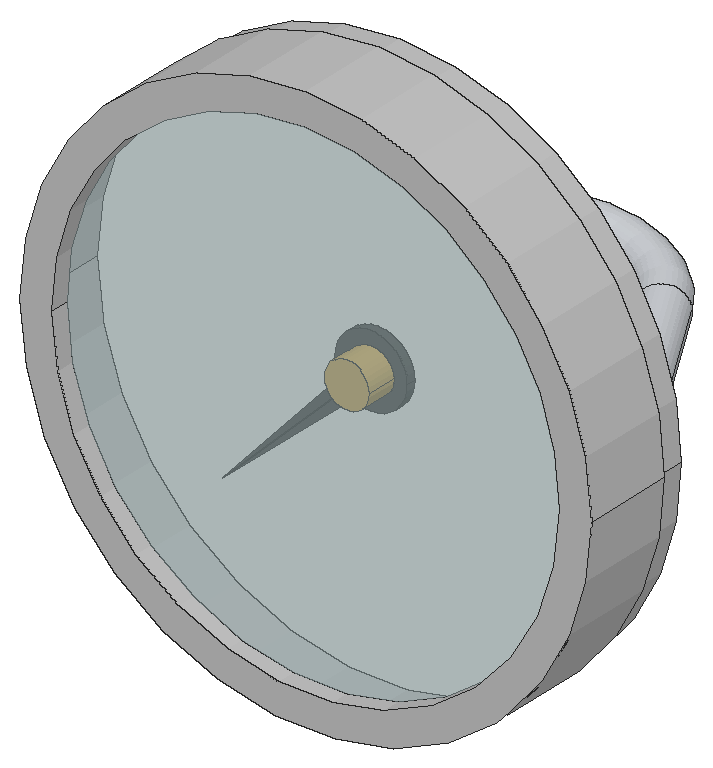
Revit family "РОСМА_ТермометрБиметаллическийСпец(Пружина)", category Арматура трубопроводов, Revit 2018 (continued)
Definition of nested family "Корпус термометра_БиметаллическСпец(Пружина)"
  Automatic sketch dimensions
    curve 253 to curve 253 = 1.759 mm
    curve 253 to curve 253 = 1.831 mm
    curve 254 to curve 254 = 1.759 mm
    curve 254 to curve 254 = 1.831 mm
    curve 255 to curve 255 = 1.759 mm
    curve 255 to curve 255 = 1.831 mm
    curve 256 to curve 256 = 1.759 mm
    curve 256 to curve 256 = 1.831 mm
    curve 257 to curve 257 = 1.759 mm
    curve 257 to curve 257 = 1.831 mm
    curve 258 to curve 258 = 1.759 mm
    curve 258 to curve 258 = 1.831 mm
    curve 259 to curve 259 = 1.759 mm
    curve 259 to curve 259 = 1.831 mm
    curve 260 to curve 260 = 1.759 mm
    curve 260 to curve 260 = 1.831 mm
    curve 261 to curve 261 = 1.759 mm
    curve 261 to curve 261 = 1.831 mm
    curve 262 to curve 262 = 1.759 mm
    curve 262 to curve 262 = 1.831 mm
    curve 263 to curve 263 = 1.759 mm
    curve 263 to curve 263 = 1.831 mm
    curve 264 to curve 264 = 1.759 mm
    curve 264 to curve 264 = 1.831 mm
    curve 265 to curve 265 = 1.759 mm
    curve 265 to curve 265 = 1.831 mm
    curve 266 to curve 266 = 1.759 mm
    curve 266 to curve 266 = 1.831 mm
    curve 267 to curve 267 = 1.759 mm
    curve 267 to curve 267 = 1.831 mm
    curve 268 to curve 268 = 1.759 mm
    curve 268 to curve 268 = 1.831 mm
    curve 269 to curve 269 = 1.759 mm
    curve 269 to curve 269 = 1.831 mm
    curve 270 to curve 270 = 1.759 mm
    curve 270 to curve 270 = 1.831 mm
    curve 271 to curve 271 = 1.759 mm
    curve 271 to curve 271 = 1.831 mm
    curve 272 to curve 272 = 1.759 mm
    curve 272 to curve 272 = 1.831 mm
    curve 273 to curve 273 = 1.759 mm
    curve 273 to curve 273 = 1.831 mm
    curve 274 to curve 274 = 1.759 mm
    curve 274 to curve 274 = 1.831 mm
    curve 275 to curve 275 = 1.759 mm
    curve 275 to curve 275 = 1.831 mm
    curve 276 to curve 276 = 1.759 mm
    curve 276 to curve 276 = 1.831 mm
    curve 277 to curve 277 = 1.759 mm
    curve 277 to curve 277 = 1.831 mm
    curve 278 to curve 278 = 1.759 mm
    curve 278 to curve 278 = 1.831 mm
    curve 279 to curve 279 = 1.759 mm
    curve 279 to curve 279 = 1.831 mm
    curve 280 to curve 280 = 1.759 mm
    curve 280 to curve 280 = 1.831 mm
    curve 281 to curve 281 = 1.759 mm
    curve 281 to curve 281 = 1.831 mm
    curve 282 to curve 282 = 1.759 mm
    curve 282 to curve 282 = 1.831 mm
    curve 283 to curve 283 = 1.759 mm
    curve 283 to curve 283 = 1.831 mm
    curve 284 to curve 284 = 1.759 mm
    curve 284 to curve 284 = 1.831 mm
    curve 285 to curve 285 = 1.759 mm
    curve 285 to curve 285 = 1.831 mm
    curve 286 to curve 286 = 1.759 mm
    curve 286 to curve 286 = 1.831 mm
    curve 287 to curve 287 = 1.759 mm
    curve 287 to curve 287 = 1.831 mm
    curve 288 to curve 288 = 1.759 mm
    curve 288 to curve 288 = 1.831 mm
    curve 289 to curve 289 = 1.759 mm
    curve 289 to curve 289 = 1.831 mm
    curve 290 to curve 290 = 1.759 mm
    curve 290 to curve 290 = 1.831 mm
    curve 291 to curve 291 = 1.759 mm
    curve 291 to curve 291 = 1.831 mm
    curve 292 to curve 292 = 1.759 mm
    curve 292 to curve 292 = 1.831 mm
    curve 293 to curve 293 = 1.759 mm
    curve 293 to curve 293 = 1.831 mm
    curve 294 to curve 294 = 1.759 mm
    curve 294 to curve 294 = 1.831 mm
    curve 295 to curve 295 = 1.759 mm
    curve 295 to curve 295 = 1.831 mm
    curve 296 to curve 296 = 1.759 mm
    curve 296 to curve 296 = 1.831 mm
    curve 297 to curve 297 = 1.759 mm
    curve 297 to curve 297 = 1.831 mm
    curve 298 to curve 298 = 1.759 mm
    curve 298 to curve 298 = 1.831 mm
    curve 299 to curve 299 = 1.759 mm
    curve 299 to curve 299 = 1.831 mm
    curve 300 to curve 300 = 1.759 mm
    curve 300 to curve 300 = 1.831 mm
    curve 301 to curve 301 = 1.759 mm
    curve 301 to curve 301 = 1.831 mm
    curve 302 to curve 302 = 1.759 mm
    curve 302 to curve 302 = 1.831 mm
    curve 303 to curve 303 = 1.759 mm
    curve 303 to curve 303 = 1.831 mm
    curve 304 to curve 304 = 1.759 mm
    curve 304 to curve 304 = 1.831 mm
    curve 305 to curve 305 = 1.759 mm
    curve 305 to curve 305 = 1.831 mm
    curve 315 to curve 315 = 13.751 mm
    curve 316 to curve 316 = 13.751 mm
    curve 201 to curve 201 = 0.5 mm
    curve 201 to curve 201 = 3.276 mm
    curve 165 to curve 164 = 0.273 mm
    curve 165 to curve 170 = 4.273 mm
    curve 170 to curve 201 = 5.048 mm
    curve 201 to curve 200 = 0.052 mm
    curve 201 to curve 209 = 3.696 mm
    curve 207 to curve 207 = 0.359 mm
    curve 201 to curve 190 = 5.684 mm
    curve 189 to curve 190 = 1.451 mm
    curve 170 to curve 165 = 0.7 mm
    curve 170 to curve 190 = 2.319 mm
    curve 170 to curve 201 = 10.694 mm
    curve 201 to curve 200 = 0.021 mm
    curve 207 to curve 209 = 3.572 mm
    curve 165 to curve 165 = 0.495 mm
    curve 201 to curve 200 = 0.038 mm
    curve 200 to curve 201 = 1.731 mm
    curve 200 to curve 207 = 2.932 mm
    curve 209 to curve 209 = 1.293 mm
    curve 189 to curve 189 = 1.203 mm
    curve 189 to curve 191 = 3.856 mm
    curve 191 to curve 190 = 4.488 mm
    curve 189 to curve 191 = 0 mm
    curve 201 to curve 200 = 1.57 mm
    curve 209 to curve 209 = 1.164 mm
    curve 165 to curve 169 = 0.15 mm
    curve 170 to curve 173 = 5.053 mm
    curve 170 to curve 173 = 0.079 mm
    curve 165 to curve 169 = 0.079 mm
    curve 166 to curve 164 = 0.758 mm
    curve 161 to curve 161 = 1.079 mm
    curve 173 to curve 173 = 1.696 mm  (x2)
    curve 210 to curve 207 = 0.41 mm
    curve 216 to curve 216 = 2.225 mm
    curve 189 to curve 196 = 0.987 mm
    curve 198 to curve 190 = 0.697 mm
    curve 198 to curve 198 = 0.444 mm
    curve 192 to curve 191 = 0.972 mm
    curve 173 to curve 173 = 1.523 mm
    curve 161 to curve 165 = 1.29 mm
    curve 192 to curve 198 = 2.173 mm
    curve 198 to curve 190 = 0.867 mm
    curve 216 to curve 207 = 2.225 mm
    curve 207 to curve 210 = 1.24 mm
    curve 168 to curve 169 = 0.862 mm
    curve 201 to curve 205 = 0.038 mm
    curve 205 to curve 209 = 0.784 mm
    curve 211 to curve 211 = 0.756 mm
    curve 201 to curve 215 = 2.179 mm
    curve 196 to curve 194 = 0.351 mm
    curve 198 to curve 194 = 0.132 mm
    curve 194 to curve 198 = 1.029 mm
    curve 215 to curve 201 = 0.888 mm
    curve 211 to curve 210 = 0.014 mm
    curve 205 to curve 209 = 1.127 mm
    curve 201 to curve 205 = 1.363 mm
    curve 170 to curve 171 = 0 mm  (x4)
    curve 162 to curve 165 = 0.556 mm
    curve 213 to curve 201 = 0.253 mm
    curve 173 to curve 172 = 0.042 mm
    curve 200 to curve 212 = 0.492 mm
    curve 175 to curve 173 = 0.639 mm
    curve 174 to curve 173 = 0.63 mm
    curve 173 to curve 177 = 0.797 mm
    curve 208 to curve 207 = 0.056 mm
    curve 176 to curve 187 = 1.048 mm
    curve 176 to curve 178 = 1.122 mm
    curve 207 to curve 212 = 0.29 mm
    curve 187 to curve 185 = 0.925 mm
    curve 187 to curve 179 = 1.349 mm
    curve 185 to curve 184 = 0.888 mm
    curve 178 to curve 180 = 2.608 mm
    curve 179 to curve 184 = 1.405 mm
    curve 179 to curve 181 = 1.043 mm
    curve 197 to curve 198 = 0.964 mm
    curve 176 to curve 173 = 0.725 mm
    curve 181 to curve 189 = 0 mm
    curve 182 to curve 184 = 0.566 mm
    curve 162 to curve 168 = 0.863 mm
    curve 173 to curve 175 = 0.582 mm
    curve 185 to curve 179 = 1.388 mm
    curve 179 to curve 184 = 0.116 mm
    curve 178 to curve 187 = 0.151 mm
    curve 172 to curve 173 = 0.019 mm
    curve 189 to curve 181 = 0.081 mm
    curve 173 to curve 178 = 0.797 mm
    curve 201 to curve 214 = 0.138 mm
    curve 200 to curve 213 = 0.914 mm
    curve 208 to curve 207 = 0.011 mm
    curve 204 to curve 200 = 1.222 mm
    curve 42 to curve 42 = 0.5 mm
    curve 42 to curve 42 = 3.276 mm
    curve 6 to curve 5 = 0.273 mm
    curve 6 to curve 11 = 4.273 mm
    curve 11 to curve 42 = 5.048 mm
    curve 42 to curve 41 = 0.052 mm
    curve 42 to curve 50 = 3.696 mm
    curve 48 to curve 48 = 0.359 mm
    curve 42 to curve 31 = 5.684 mm
    curve 30 to curve 31 = 1.451 mm
    curve 11 to curve 6 = 0.7 mm
    curve 11 to curve 31 = 2.319 mm
    curve 11 to curve 42 = 10.694 mm
    curve 42 to curve 41 = 0.021 mm
    curve 48 to curve 50 = 3.572 mm
    curve 6 to curve 6 = 0.495 mm
    curve 42 to curve 41 = 0.038 mm
    curve 41 to curve 42 = 1.731 mm
    curve 41 to curve 48 = 2.932 mm
    curve 50 to curve 50 = 1.293 mm
    curve 30 to curve 30 = 1.203 mm
    curve 30 to curve 32 = 3.856 mm
    curve 32 to curve 31 = 4.488 mm
    curve 30 to curve 32 = 0 mm
    curve 42 to curve 41 = 1.57 mm
    curve 50 to curve 50 = 1.164 mm
    curve 6 to curve 10 = 0.15 mm
    curve 11 to curve 14 = 5.053 mm
    curve 11 to curve 14 = 0.079 mm
    curve 6 to curve 10 = 0.079 mm
    curve 7 to curve 5 = 0.758 mm
    curve 2 to curve 2 = 1.079 mm
    curve 14 to curve 14 = 1.696 mm  (x2)
    curve 51 to curve 48 = 0.41 mm
    curve 57 to curve 57 = 2.225 mm
    curve 30 to curve 37 = 0.987 mm
    curve 39 to curve 31 = 0.697 mm
    curve 39 to curve 39 = 0.444 mm
    curve 33 to curve 32 = 0.972 mm
    curve 14 to curve 14 = 1.523 mm
    curve 2 to curve 6 = 1.29 mm
    curve 33 to curve 39 = 2.173 mm
    curve 39 to curve 31 = 0.867 mm
    curve 57 to curve 48 = 2.225 mm
    curve 48 to curve 51 = 1.24 mm
    curve 9 to curve 10 = 0.862 mm
    curve 42 to curve 46 = 0.038 mm
    curve 46 to curve 50 = 0.784 mm
    curve 52 to curve 52 = 0.756 mm
    curve 42 to curve 56 = 2.179 mm
    curve 37 to curve 35 = 0.351 mm
    curve 39 to curve 35 = 0.132 mm
    curve 35 to curve 39 = 1.029 mm
    curve 56 to curve 42 = 0.888 mm
    curve 52 to curve 51 = 0.014 mm
    curve 46 to curve 50 = 1.127 mm
    curve 42 to curve 46 = 1.363 mm
    curve 11 to curve 12 = 0 mm  (x4)
    curve 3 to curve 6 = 0.556 mm
    curve 54 to curve 42 = 0.253 mm
    curve 14 to curve 13 = 0.042 mm
    curve 41 to curve 53 = 0.492 mm
    curve 16 to curve 14 = 0.639 mm
    curve 15 to curve 14 = 0.63 mm
    curve 14 to curve 18 = 0.797 mm
    curve 49 to curve 48 = 0.056 mm
    curve 17 to curve 28 = 1.048 mm
    curve 17 to curve 19 = 1.122 mm
    curve 48 to curve 53 = 0.29 mm
    curve 28 to curve 26 = 0.925 mm
    curve 28 to curve 20 = 1.349 mm
    curve 26 to curve 25 = 0.888 mm
    curve 19 to curve 21 = 2.608 mm
    curve 20 to curve 25 = 1.405 mm
    curve 20 to curve 22 = 1.043 mm
    curve 38 to curve 39 = 0.964 mm
    curve 17 to curve 14 = 0.725 mm
    curve 22 to curve 30 = 0 mm
    curve 23 to curve 25 = 0.566 mm
    curve 3 to curve 9 = 0.863 mm
    curve 14 to curve 16 = 0.582 mm
    curve 26 to curve 20 = 1.388 mm
    curve 20 to curve 25 = 0.116 mm
    curve 19 to curve 28 = 0.151 mm
    curve 13 to curve 14 = 0.019 mm
    curve 30 to curve 22 = 0.081 mm
    curve 14 to curve 19 = 0.797 mm
    curve 42 to curve 55 = 0.138 mm
    curve 41 to curve 54 = 0.914 mm
    curve 49 to curve 48 = 0.011 mm
    curve 45 to curve 41 = 1.222 mm
    curve 327 to curve 328 = 0 mm  (x6)
    curve 348 to curve 349 = 0.972 mm
    curve 349 to curve 348 = 4.494 mm
    curve 349 to curve 351 = 1.197 mm  (x2)
    curve 350 to curve 354 = 1.038 mm
    curve 347 to curve 355 = 1.112 mm
    curve 354 to curve 356 = 0.964 mm
    curve 354 to curve 352 = 1.034 mm
    curve 355 to curve 346 = 1.149 mm
    curve 351 to curve 352 = 1.197 mm
    curve 352 to curve 346 = 0.987 mm
    curve 346 to curve 337 = 1.692 mm
    curve 338 to curve 339 = 0.971 mm
    curve 337 to curve 337 = 1.043 mm
    curve 336 to curve 371 = 2.832 mm  (x2)
    curve 339 to curve 341 = 1.097 mm
    curve 340 to curve 335 = 1.409 mm
    curve 371 to curve 366 = 10.223 mm
    curve 341 to curve 343 = 0.888 mm
    curve 366 to curve 368 = 1.32 mm
    curve 365 to curve 369 = 2.49 mm
    curve 336 to curve 335 = 2.608 mm
    curve 365 to curve 364 = 1.273 mm
    curve 335 to curve 344 = 1.357 mm  (x2)
    curve 364 to curve 365 = 0.057 mm
    curve 371 to curve 359 = 2.353 mm  (x2)
    curve 366 to curve 366 = 1.74 mm
    curve 365 to curve 368 = 0.756 mm
    curve 334 to curve 333 = 1.122 mm
    curve 364 to curve 361 = 1.373 mm
    curve 333 to curve 332 = 1.077 mm  (x2)
    curve 333 to curve 331 = 1.127 mm
    curve 359 to curve 359 = 2.337 mm  (x2)
    curve 330 to curve 331 = 0.891 mm
    curve 330 to curve 332 = 0.864 mm  (x2)
    curve 365 to curve 369 = 3.211 mm
    curve 369 to curve 357 = 1.038 mm
    curve 332 to curve 329 = 1.372 mm  (x2)
    curve 329 to curve 330 = 0.046 mm  (x2)
    curve 357 to curve 358 = 0.056 mm
    curve 358 to curve 370 = 0.289 mm  (x2)
    curve 369 to curve 360 = 1.641 mm
    curve 357 to curve 363 = 3.602 mm
    curve 362 to curve 363 = 1.364 mm
    curve 330 to curve 327 = 5.053 mm
    curve 327 to curve 320 = 3.875 mm
    curve 322 to curve 321 = 3.186 mm
    curve 322 to curve 323 = 0.768 mm
    curve 326 to curve 322 = 0.17 mm
    curve 320 to curve 319 = 1.051 mm
    curve 326 to curve 323 = 0.862 mm
    curve 318 to curve 317 = 1.079 mm
    curve 350 to curve 352 = 1.897 mm
    curve 340 to curve 346 = 1.459 mm
    curve 344 to curve 342 = 1.084 mm
    curve 318 to curve 320 = 1.664 mm
    curve 342 to curve 336 = 1.451 mm
    curve 335 to curve 340 = 1.409 mm
    curve 320 to curve 325 = 0.929 mm
    curve 322 to curve 328 = 3.875 mm
    curve 351 to curve 354 = 1.034 mm
    curve 326 to curve 322 = 0.716 mm
    curve 322 to curve 326 = 0.17 mm
    curve 354 to curve 356 = 1.514 mm
    curve 355 to curve 348 = 1.112 mm
    curve 331 to curve 333 = 1.127 mm
    curve 340 to curve 336 = 2.5 mm
    curve 359 to curve 358 = 3.474 mm
    curve 358 to curve 357 = 0.056 mm
    curve 365 to curve 365 = 1.3 mm
    curve 365 to curve 364 = 0.057 mm
    curve 360 to curve 357 = 1.222 mm
    curve 365 to curve 367 = 0.756 mm
    curve 368 to curve 367 = 1.32 mm
    curve 367 to curve 361 = 1.41 mm
    curve 361 to curve 366 = 1.373 mm
    curve 363 to curve 362 = 1.364 mm
    curve 372 to curve 371 = 2.421 mm
    curve 373 to curve 369 = 2.294 mm
    curve 371 to curve 372 = 2.421 mm
    curve 333 to curve 339 = 3.802 mm
    curve 318 to curve 330 = 10.13 mm
    Extrusion 6 sketch curve to plane 14 = 0 mm  (x2)
    Extrusion 6 sketch curve to plane 16 = 0 mm
    Extrusion 6 sketch curve to plane 17 = 0 mm
    Extrusion 6 sketch curve to level = 0.614 mm
    Extrusion 7 sketch curve to plane 14 = 0 mm  (x2)
    Extrusion 7 sketch curve to plane 16 = 0 mm
    plane 3 "По центру (Влево/Вправо)" to Extrusion 7 sketch curve = 0.614 mm
    curve 159 to plane 10 "sl" = 16.519 mm
    curve 159 to curve 158 = 62.657 mm
    plane 9 "sr" to curve 158 = 107.621 mm
    curve 317 to curve 324 = 0.923 mm
    curve 324 to curve 320 = 0.156 mm
    curve 324 to curve 322 = 0.712 mm
    curve 323 to curve 323 = 0.862 mm
    curve 326 to curve 321 = 0.122 mm
    curve 325 to curve 320 = 0.344 mm
    curve 322 to curve 328 = 3.778 mm
    curve 322 to curve 363 = 8.548 mm
    curve 358 to curve 360 = 0.038 mm
    curve 363 to curve 362 = 0.038 mm
    curve 360 to curve 370 = 0.209 mm
    curve 370 to curve 358 = 0.253 mm
    curve 327 to curve 330 = 5.053 mm
    curve 330 to curve 329 = 0.042 mm
    curve 358 to curve 357 = 0.052 mm
    curve 357 to curve 369 = 0.492 mm
    curve 329 to curve 332 = 1.015 mm
    curve 329 to curve 331 = 1.024 mm
    curve 357 to curve 359 = 1.493 mm
    curve 331 to curve 331 = 0.63 mm
    curve 332 to curve 332 = 0.639 mm
    curve 358 to curve 362 = 2.912 mm
    curve 331 to curve 334 = 0.797 mm
    curve 361 to curve 367 = 0.733 mm
    curve 361 to curve 366 = 0.784 mm
    curve 357 to curve 359 = 1.731 mm
    curve 367 to curve 365 = 0.354 mm
    curve 333 to curve 344 = 1.048 mm
    curve 365 to curve 364 = 0.056 mm
    curve 333 to curve 335 = 1.122 mm
    curve 364 to curve 369 = 0.29 mm
    curve 367 to curve 368 = 0.756 mm
    curve 344 to curve 342 = 0.925 mm
    curve 369 to curve 373 = 0.632 mm
    curve 365 to curve 366 = 0.588 mm
    curve 343 to curve 336 = 1.349 mm
    curve 342 to curve 341 = 0.888 mm
    curve 358 to curve 371 = 2.179 mm
    curve 334 to curve 337 = 2.608 mm
    curve 335 to curve 341 = 1.405 mm
    curve 371 to curve 373 = 1.247 mm
    curve 336 to curve 338 = 1.043 mm
    curve 338 to curve 353 = 0.488 mm
    curve 346 to curve 353 = 0.987 mm
    curve 337 to curve 347 = 1.69 mm
    curve 352 to curve 352 = 0.351 mm
    curve 351 to curve 354 = 0.099 mm
    curve 346 to curve 356 = 0.754 mm
    curve 354 to curve 355 = 0.964 mm
    curve 354 to curve 350 = 0.132 mm
    curve 355 to curve 347 = 0.697 mm
    curve 350 to curve 350 = 0.351 mm
    curve 349 to curve 349 = 0.972 mm
    curve 333 to curve 346 = 0 mm
    curve 338 to curve 346 = 0 mm
    curve 350 to curve 352 = 0 mm
    curve 333 to curve 318 = 0.016 mm
    curve 339 to curve 341 = 0.566 mm
    curve 333 to curve 332 = 0.725 mm
    curve 352 to curve 352 = 1.144 mm
    curve 318 to curve 319 = 1.29 mm
    curve 330 to curve 332 = 0.582 mm
    curve 342 to curve 336 = 1.388 mm
    curve 335 to curve 341 = 0.116 mm
    curve 335 to curve 344 = 0.151 mm
    curve 319 to curve 325 = 0.863 mm
    curve 322 to curve 328 = 0.863 mm
    curve 350 to curve 355 = 1.029 mm
    curve 329 to curve 329 = 0.923 mm
    curve 329 to curve 330 = 0.019 mm
    curve 326 to curve 322 = 0.7 mm
    curve 322 to curve 326 = 0.079 mm
    curve 354 to curve 355 = 1.448 mm
    curve 355 to curve 347 = 0.867 mm
    curve 346 to curve 338 = 0.081 mm
    curve 331 to curve 335 = 0.797 mm
    curve 336 to curve 371 = 2.724 mm
    curve 371 to curve 359 = 0.888 mm
    curve 371 to curve 372 = 2.075 mm
    curve 359 to curve 359 = 1.57 mm
    curve 372 to curve 373 = 2.225 mm
    curve 359 to curve 358 = 3.112 mm
    curve 358 to curve 357 = 0.021 mm
    curve 358 to curve 371 = 0.138 mm
    curve 365 to curve 365 = 1.253 mm
    curve 365 to curve 364 = 0.011 mm
    curve 361 to curve 357 = 1.222 mm
    curve 368 to curve 367 = 0.014 mm
    curve 365 to curve 367 = 1.182 mm
    curve 361 to curve 364 = 1.127 mm
    curve 363 to curve 362 = 1.363 mm
    curve 384 to curve 385 = 0 mm  (x2)
    curve 374 to curve 381 = 0.923 mm
    curve 381 to curve 377 = 0.156 mm
    curve 381 to curve 379 = 0.712 mm
    curve 380 to curve 380 = 0.862 mm
    curve 383 to curve 378 = 0.122 mm
    curve 382 to curve 377 = 0.344 mm
    curve 379 to curve 385 = 3.778 mm
    curve 379 to curve 420 = 8.548 mm
    curve 415 to curve 417 = 0.038 mm
    curve 420 to curve 419 = 0.038 mm
    curve 417 to curve 427 = 0.209 mm
    curve 427 to curve 415 = 0.253 mm
    curve 384 to curve 387 = 5.053 mm
    curve 387 to curve 386 = 0.042 mm
    curve 415 to curve 414 = 0.052 mm
    curve 414 to curve 426 = 0.492 mm
    curve 386 to curve 389 = 1.015 mm
    curve 386 to curve 388 = 1.024 mm
    curve 414 to curve 416 = 1.493 mm
    curve 388 to curve 388 = 0.63 mm
    curve 389 to curve 389 = 0.639 mm
    curve 415 to curve 419 = 2.912 mm
    curve 388 to curve 391 = 0.797 mm
    curve 418 to curve 424 = 0.733 mm
    curve 418 to curve 423 = 0.784 mm
    curve 414 to curve 416 = 1.731 mm
    curve 424 to curve 422 = 0.354 mm
    curve 390 to curve 401 = 1.048 mm
    curve 422 to curve 421 = 0.056 mm
    curve 390 to curve 392 = 1.122 mm
    curve 421 to curve 426 = 0.29 mm
    curve 424 to curve 425 = 0.756 mm
    curve 401 to curve 399 = 0.925 mm
    curve 426 to curve 430 = 0.632 mm
    curve 422 to curve 423 = 0.588 mm
    curve 400 to curve 393 = 1.349 mm
    curve 399 to curve 398 = 0.888 mm
    curve 415 to curve 428 = 2.179 mm
    curve 391 to curve 394 = 2.608 mm
    curve 392 to curve 398 = 1.405 mm
    curve 428 to curve 430 = 1.247 mm
    curve 393 to curve 395 = 1.043 mm
    curve 395 to curve 410 = 0.488 mm
    curve 403 to curve 410 = 0.987 mm
    curve 394 to curve 404 = 1.69 mm
    curve 409 to curve 409 = 0.351 mm
    curve 408 to curve 411 = 0.099 mm
    curve 403 to curve 413 = 0.754 mm
    curve 411 to curve 412 = 0.964 mm
    curve 411 to curve 407 = 0.132 mm
    curve 412 to curve 404 = 0.697 mm
    curve 407 to curve 407 = 0.351 mm
    curve 406 to curve 406 = 0.972 mm
    curve 390 to curve 403 = 0 mm
    curve 395 to curve 403 = 0 mm
    curve 407 to curve 409 = 0 mm
    curve 390 to curve 375 = 0.016 mm
    curve 396 to curve 398 = 0.566 mm
    curve 390 to curve 389 = 0.725 mm
    curve 409 to curve 409 = 1.144 mm
    curve 375 to curve 376 = 1.29 mm
    curve 387 to curve 389 = 0.582 mm
    curve 399 to curve 393 = 1.388 mm
    curve 392 to curve 398 = 0.116 mm
    curve 392 to curve 401 = 0.151 mm
    curve 376 to curve 382 = 0.863 mm
    curve 379 to curve 385 = 0.863 mm
    curve 407 to curve 412 = 1.029 mm
    curve 386 to curve 386 = 0.923 mm
    curve 386 to curve 387 = 0.019 mm
    curve 383 to curve 379 = 0.7 mm
    curve 379 to curve 383 = 0.079 mm
    curve 411 to curve 412 = 1.448 mm
    curve 412 to curve 404 = 0.867 mm
    curve 403 to curve 395 = 0.081 mm
    curve 388 to curve 392 = 0.797 mm
    curve 393 to curve 428 = 2.724 mm
    curve 428 to curve 416 = 0.888 mm
    curve 428 to curve 429 = 2.075 mm
    curve 416 to curve 416 = 1.57 mm
    curve 429 to curve 430 = 2.225 mm
    curve 416 to curve 415 = 3.112 mm
    curve 415 to curve 414 = 0.021 mm
    curve 415 to curve 428 = 0.138 mm
    curve 422 to curve 422 = 1.253 mm
    curve 422 to curve 421 = 0.011 mm
    curve 418 to curve 414 = 1.222 mm
    curve 425 to curve 424 = 0.014 mm
    curve 422 to curve 424 = 1.182 mm
    curve 418 to curve 421 = 1.127 mm
    curve 420 to curve 419 = 1.363 mm
    Extrusion 5 sketch curve to plane 3 "По центру (Влево/Вправо)" = 0.006 mm
    Extrusion 5 sketch curve to level = 0.021 mm
    radius of curve 170 = 2.25 mm
    radius of curve 171 = 1.301 mm
    radius of curve 11 = 2.25 mm
    radius of curve 12 = 1.301 mm
    radius of curve 327 = 2.25 mm  (x2)
    radius of curve 328 = 1.301 mm  (x2)
    radius of curve 384 = 2.25 mm
    radius of curve 385 = 1.301 mm
    radius of Extrusion 5 sketch curve = 4 mm
    radius of Extrusion 9 sketch curve = 2.482 mm
Definition of nested family "DAA_УГО_ТермометрПоказывающий_ГОСТ21.208-2013"
  Parameters (values of type "DAA_УГО_ТермометрПоказывающий_ГОСТ21.208-2013")
    Центр2 = 0.5 * Масштаб_УГО  # 25 mm
    Центр = 0.9 * Масштаб_УГО  # 45 mm
    Масштаб_УГО = 50 mm
    Высота_выноски_на_виде_мм = 2
    rr = 0.8 * Масштаб_УГО  # 40 mm
    r = 2.5 * Масштаб_УГО  # 125 mm
    lr2 = 1.4 * Масштаб_УГО  # 70 mm
    lr1 = 0.8 * Масштаб_УГО  # 40 mm
    ll2 = 0.7 * Масштаб_УГО  # 35 mm
    ll1 = 1.4 * Масштаб_УГО  # 70 mm
    h5 = 3.8 * Масштаб_УГО  # 190 mm
    h4 = 4.2 * Масштаб_УГО  # 210 mm
    h3 = 3.4 * Масштаб_УГО  # 170 mm
    h2 = 2.6 * Масштаб_УГО  # 130 mm
    h1 = Высота_выноски_на_виде_мм * Масштаб_УГО  # 100 mm
  Reference planes
    plane 1 "По центру (Вперед/Назад)": y = 0
    plane 2: z = 0
    plane 3 "По центру (Влево/Вправо)": x = 0
    plane 4: z = 100
    plane 5: z = 225
    plane 6: x = 45
    plane 7: z = 230
    plane 8: z = 270
    plane 9: z = 310
    plane 10: x = -35
    plane 11: x = -70
    plane 12: x = 40
    plane 13: x = 70
  Lines and regions (mm)
    reference lines
      curve 1: circle (0, 0, 225) r 125 normal (0, -1, 0)
      curve 2: circle (45, 0, 270) r 40 normal (0, -1, 0)
    model lines
      curve 3: line (-35, 0, 230) -> (-35, 0, 310)
      curve 4: arc (70, 0, 301.225) -> (5, 0, 270) -> (70, 0, 238.775) r 40
      curve 5: line (70, 0, 270) -> (70, 0, 238.775)
      curve 6: line (70, 0, 270) -> (40, 0, 270)
      curve 7: line (-70, 0, 310) -> (0, 0, 310)
      curve 8: circle (0, 0, 225) r 125 normal (0, -1, 0)
      curve 9: line (0, 0, 100) -> (0, 0, 0)
  Dimensions and locks
    "h1": plane 4 to level
    "r": plane 5 to plane 4
    "h2": plane 7 to plane 4
    "h3": plane 8 to plane 4
    "h4": plane 9 to plane 4
    "lr1": plane 12 to plane 3 "По центру (Влево/Вправо)"
    "lr2": plane 13 to plane 3 "По центру (Влево/Вправо)"
    "ll1": plane 3 "По центру (Влево/Вправо)" to plane 11
    "ll2": plane 3 "По центру (Влево/Вправо)" to plane 10
    "Центр": plane 6 to plane 3 "По центру (Влево/Вправо)"
    "r": radius of curve 1
    "rr": radius of curve 2
    aligned and locked: level to plane 2
    aligned and locked: plane 10 to curve 3
    aligned and locked: curve 4 to curve 2
    aligned and locked: curve 5 to plane 13
    aligned and locked: curve 6 to plane 8
    aligned and locked: curve 7 to plane 9
    aligned and locked: curve 8 to curve 1
    aligned and locked: curve 9 to plane 3 "По центру (Влево/Вправо)"
    aligned and locked: plane 11 to curve 7
    aligned and locked: plane 3 "По центру (Влево/Вправо)" to curve 7
  Automatic sketch dimensions
    curve 1 to plane 3 "По центру (Влево/Вправо)" = 0 mm
    curve 2 to plane 6 = 0 mm
    curve 1 to plane 5 = 0 mm
    curve 2 to plane 8 = 0 mm
    curve 6 to plane 12 = 0 mm
    curve 4 to plane 13 = 0 mm
    curve 9 to level = 0 mm
    curve 3 to plane 7 = 0 mm
